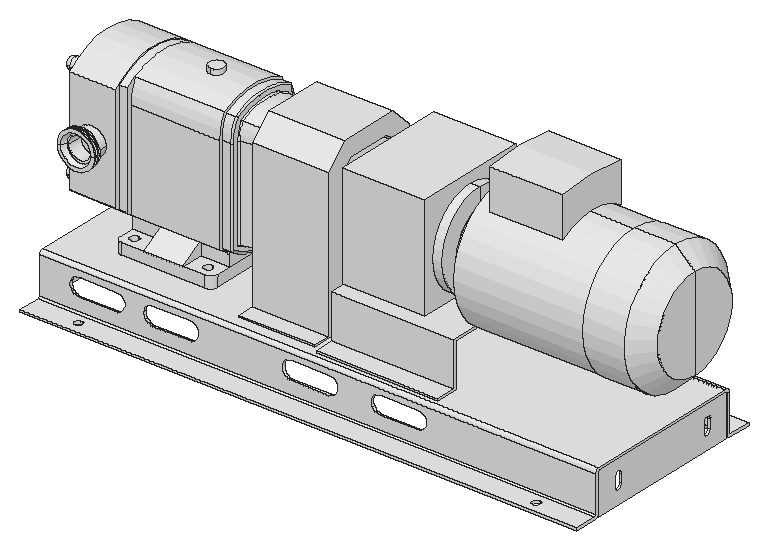
Revit family "MLP 23 - MR102 - Lobe Pump ", category Specialty Equipment, Revit 2022
Family settings
  Round Connector Dimension = Use Diameter
  Part Type = Normal
  Work Plane-Based = No
  Always vertical = Yes
  Cut with Voids When Loaded = No
  Maintain Annotation Orientation = No
  Shared = No
  Room Calculation Point = No
Parameters (values of type "MLP 23 - 1.1 kW")
  URL = "https://en.ekinendustriyel.com/lobe-pumps/lobe-pumps"
  Pressure = 20.0 bar  # constant formula
  Motor Power = 1.1 kW  # constant formula
  Model = "MLP-23  TUL - MR102"
  Manufacturer = "Ekin Endüstriyel"
  Keynote = "Double Serpentine Heater Tank"
  Flow = 5.0 m³/h  # constant formula
  Description = "MIT MLP 23 - Lobe Pump"
  Default Elevation = 0 mm
Reference planes
  plane 1 "Center (Front/Back)": y = 0
  plane 2: z = 0
  plane 3 "Center (Left/Right)": x = 0
Forms (mm)
  Extrusion 1, solid, material "Ekin Endüstriyel_StainlesSteel", detail levels medium+fine
    sketch origin (0, 0, 0) x (0, 1, 0) y (0, 0, 1)
      loop
        arc (65, 198) -> (0, 223) -> (-65, 198) r 97
        line (-65, 198) -> (-65, 54)
        arc (-65, 54) -> (0, 29) -> (65, 54) r 97
        line (65, 54) -> (65, 198)
    from -0.581 to -63.081
  Extrusion 2, solid, material "Ekin Endüstriyel_StainlesSteel", detail levels medium+fine
    sketch origin (0, 0, 0) x (0, 1, 0) y (0, 0, 1)
      loop
        arc (-48, 210.291) -> (-53.968, 195.324) -> (-56, 179.34) r 63.873
        line (-56, 179.34) -> (-56, 46.798)
        arc (-56, 46.798) -> (0, 29) -> (56, 46.798) r 97
        line (56, 46.798) -> (56, 169.858)
        arc (56, 169.858) -> (53.981, 190.467) -> (48, 210.291) r 106.175
        arc (48, 210.291) -> (0, 223) -> (-48, 210.291) r 97
    from 132.919 to 11.419
  Extrusion 3, solid, material "Ekin Endüstriyel_StainlesSteel", detail levels coarse
    sketch origin (0, 0, 0) x (0, 1, 0) y (0, 0, 1)
      loop
        arc (65, 198) -> (0, 223) -> (-65, 198) r 97
        line (-65, 198) -> (-65, 54)
        arc (-65, 54) -> (0, 29) -> (65, 54) r 97
        line (65, 54) -> (65, 198)
    from -63.081 to 183.857
  Sweep 4, solid, material "Ekin Endüstriyel_StainlesSteel", detail levels medium+fine
    path in 3D
      loop
        arc (132.919, 48, 210.291) -> (132.919, 53.981, 190.467) -> (132.919, 56, 169.858) r 106.175
        line (132.919, 56, 169.858) -> (132.919, 56, 46.798)
        arc (132.919, 56, 46.798) -> (132.919, 0, 29) -> (132.919, -56, 46.798) r 97
        line (132.919, -56, 46.798) -> (132.919, -56, 179.34)
        arc (132.919, -56, 179.34) -> (132.919, -53.968, 195.324) -> (132.919, -48, 210.291) r 63.873
        arc (132.919, -48, 210.291) -> (132.919, 0, 223) -> (132.919, 48, 210.291) r 97
    profile origin (132.919, 0, 223) x (0, 0, 1) y (1, 0, 0)
      loop
        line (-2.005, 0) -> (-2.005, 13.004)
        arc (-2.005, 13.004) -> (-2.584, 14.402) -> (-3.981, 14.98) r 1.976
        line (-3.981, 14.98) -> (-10.133, 14.98)
        arc (-10.133, 14.98) -> (-11.482, 15.503) -> (-12.125, 16.799) r 2
        line (-12.125, 16.799) -> (-15.082, 49.18)
        arc (-15.082, 49.18) -> (-15.704, 50.432) -> (-17.007, 50.938) r 1.933
        line (-17.007, 50.938) -> (-23.918, 50.938) -> (-23.918, 0) -> (-2.005, 0)
  Extrusion 5, solid, material "Ekin Endüstriyel_StainlesSteel", detail levels medium+fine
    sketch origin (0, 0, 0) x (0, 1, 0) y (0, 0, 1)
      loop
        arc (-29.766, 192.746) -> (-31.499, 186.142) -> (-32.082, 179.34) r 39.955
        line (-32.082, 179.34) -> (-32.082, 60.336)
        arc (-32.082, 60.336) -> (0, 52.918) -> (32.082, 60.336) r 73.082
        line (32.082, 60.336) -> (32.082, 169.858)
        arc (32.082, 169.858) -> (31.232, 181.657) -> (28.697, 193.212) r 82.257
        arc (28.697, 193.212) -> (-0.583, 199.08) -> (-29.766, 192.746) r 73.082
    from 170.518 to 183.857
  Revolve 6, solid, material "Ekin Endüstriyel_StainlesSteel", detail levels fine
    sketch origin (35.739, 0, 123.787) x (1, 0, 0) y (0, 1, 0)
      loop
        line (-88.818, -65.017) -> (-88.818, -81.023) -> (-92.717, -81.023) -> (-94.485, -82.044) -> (-92.482, -83.2) -> (-94.485, -84.357) -> (-92.48, -85.515) -> (-94.485, -86.672) -> (-92.482, -87.829) -> (-94.485, -88.986) -> (-92.482, -90.142) -> (-94.841, -91.504) -> (-90.152, -91.504) -> (-87.609, -84.516) -> (-84.934, -84.516) -> (-84.934, -65.017) -> (-88.818, -65.017)
      axis (-69.763, -65.017) -> (-69.763, -91.504)
    angle from 0 to 360
  Extrusion 7, solid, material "Ekin Endüstriyel_StainlesSteel"
    sketch origin (-63.081, 0, 0) x (0, -1, 0) y (0, 0, 1)
      loop
        circle (0, 126) r 50
    from 0 to 10
  Extrusion 8, solid, material "Ekin Endüstriyel_StainlesSteel", detail levels medium+fine
    sketch origin (0, 0, 0) x (0, 1, 0) y (0, 0, 1)
      loop
        line (-34.093, 32.841) -> (-65, 15) -> (65, 15) -> (34.097, 32.842)
        arc (34.097, 32.842) -> (0.002, 27.834) -> (-34.093, 32.841) r 118.583
    from 36.862 to 89.521
  Extrusion 9, solid, material "Ekin Endüstriyel_StainlesSteel", detail levels medium
    sketch origin (-75.568, 0, 30.923) x (1, 0, 0) y (0, 0, 1)
      loop
        circle (41.544, 92.864) r 25.078
      loop
        circle (41.544, 92.864) r 20.389
    from 65.017 to 91.504
  Extrusion 10, solid, material "Ekin Endüstriyel_StainlesSteel"
    sketch origin (107.25, 0, 153) x (0, 0, 1) y (0, 1, 0)
      loop
        circle (0, 0) r 11
    from -123.169 to -76.607
  Extrusion 11, solid, material "Ekin Endüstriyel_StainlesSteel", detail levels medium+fine
    sketch origin (0, 0, 0) x (0, 1, 0) y (0, 0, 1)
      loop
        line (-60, 202.217) -> (-60, 49.783)
        arc (-60, 49.783) -> (0, 29) -> (60, 49.783) r 97
        line (60, 49.783) -> (60, 202.217)
        arc (60, 202.217) -> (0, 223) -> (-60, 202.217) r 97
    from 11.419 to -0.581
  Extrusion 12, solid, material "Ekin Endüstriyel_StainlesSteel", detail levels coarse
    sketch origin (-99.135, 0, 4.353) x (1, 0, 0) y (0, 0, 1)
      loop
        circle (65.111, 119.434) r 25.078
    from 65 to 91.504
  Extrusion 13, solid, material "Ekin Endüstriyel_StainlesSteel"
    sketch origin (0, 0, 0) x (1, 0, 0) y (0, 1, 0)
      loop
        circle (12.419, -50) r 6
      loop
        circle (112.419, -50) r 6
      loop
        circle (12.419, 50) r 6
      loop
        circle (112.419, 50) r 6
      loop
        line (119.419, 65) -> (7.419, 65)
        arc (7.419, 65) -> (0.348, 62.071) -> (-2.581, 55) r 10
        line (-2.581, 55) -> (-2.581, -55)
        arc (-2.581, -55) -> (0.348, -62.071) -> (7.419, -65) r 10
        line (7.419, -65) -> (119.419, -65)
        arc (119.419, -65) -> (126.49, -62.071) -> (129.419, -55) r 10
        line (129.419, -55) -> (129.419, 55)
        arc (129.419, 55) -> (126.49, 62.071) -> (119.419, 65) r 10
    from 0 to 15
  Extrusion 14, solid, material "Ekin Endüstriyel_StainlesSteel"
    sketch origin (0, 0, 0) x (0, 1, 0) y (0, 0, 1)
      loop
        arc (-33.135, 32.594) -> (-34.417, 32.362) -> (-35, 31.197) r 1.456
        line (-35, 31.197) -> (-35, 15) -> (35.25, 15) -> (35.25, 31.095)
        arc (35.25, 31.095) -> (34.637, 32.321) -> (33.289, 32.566) r 1.532
        arc (33.289, 32.566) -> (0.075, 27.834) -> (-33.135, 32.594) r 118.583
    from -2.581 to 129.018
  Revolve 15, solid, material "Ekin Endüstriyel_StainlesSteel", detail levels fine
    sketch origin (56.401, 0, 191.795) x (1, 0, 0) y (0, 1, 0)
      loop
        line (-119.482, -48.5) -> (-119.482, -39.954) -> (-141.528, -39.954)
        arc (-141.528, -39.954) -> (-139.025, -45.997) -> (-132.982, -48.5) r 8.546
        line (-132.982, -48.5) -> (-119.482, -48.5)
      axis (-119.482, -39.954) -> (-141.528, -39.954)
    angle from 0 to 360
  Extrusion 16, solid, material "Ekin Endüstriyel_StainlesSteel", detail levels medium+fine
    sketch origin (0, 0, 0) x (1, 0, 0) y (0, 1, 0)
      loop
        circle (83.419, 0) r 10
    from 221 to 229
  Extrusion 17, solid, material "Ekin Endüstriyel_StainlesSteel", detail levels coarse+medium
    sketch origin (-119.482, 0, 146.417) x (0, 0, 1) y (0, 1, 0)
      loop
        circle (45.378, -39.954) r 8.546
      loop
        circle (45.378, 39.954) r 8.546
      loop
        circle (-86.212, 39.954) r 8.546
      loop
        circle (-86.212, -39.954) r 8.546
    from -56.401 to -33.901
  Revolve 18, solid, material "Ekin Endüstriyel_StainlesSteel", detail levels fine
    sketch origin (56.401, 0, 191.795) x (1, 0, 0) y (0, 1, 0)
      loop
        line (-119.482, 48.5) -> (-132.982, 48.5)
        arc (-132.982, 48.5) -> (-139.025, 45.997) -> (-141.528, 39.954) r 8.546
        line (-141.528, 39.954) -> (-119.482, 39.954) -> (-119.482, 48.5)
      axis (-119.482, 39.954) -> (-141.528, 39.954)
    angle from 0 to 360
  Revolve 19, solid, material "Ekin Endüstriyel_StainlesSteel", detail levels fine
    sketch origin (56.401, 0, 60.205) x (1, 0, 0) y (0, 1, 0)
      loop
        line (-119.482, -48.5) -> (-119.482, -39.954) -> (-141.528, -39.954)
        arc (-141.528, -39.954) -> (-139.025, -45.997) -> (-132.982, -48.5) r 8.546
        line (-132.982, -48.5) -> (-119.482, -48.5)
      axis (-119.482, -39.954) -> (-141.528, -39.954)
    angle from 0 to 360
  Revolve 20, solid, material "Ekin Endüstriyel_StainlesSteel", detail levels fine
    sketch origin (56.401, 0, 60.205) x (1, 0, 0) y (0, 1, 0)
      loop
        line (-119.482, 48.5) -> (-132.982, 48.5)
        arc (-132.982, 48.5) -> (-139.025, 45.997) -> (-141.528, 39.954) r 8.546
        line (-141.528, 39.954) -> (-119.482, 39.954) -> (-119.482, 48.5)
      axis (-119.482, 39.954) -> (-141.528, 39.954)
    angle from 0 to 360
  Revolve 21, solid, material "Ekin Endüstriyel_StainlesSteel", detail levels fine
    sketch origin (35.739, 0, 123.787) x (1, 0, 0) y (0, 1, 0)
      loop
        line (-88.818, 65.017) -> (-84.934, 65.017) -> (-84.934, 84.516) -> (-87.609, 84.516) -> (-90.152, 91.504) -> (-94.841, 91.504) -> (-92.482, 90.142) -> (-94.485, 88.986) -> (-92.482, 87.829) -> (-94.485, 86.672) -> (-92.48, 85.515) -> (-94.485, 84.357) -> (-92.482, 83.2) -> (-94.485, 82.044) -> (-92.717, 81.023) -> (-88.818, 81.023) -> (-88.818, 65.017)
      axis (-69.763, 65.017) -> (-69.763, 91.504)
    angle from 0 to 360
  Extrusion 22, solid, material "Ekin Endüstriyel_StainlesSteel", detail levels medium
    sketch origin (-75.568, 0, 30.923) x (1, 0, 0) y (0, 0, -1)
      loop
        circle (41.544, -92.864) r 25.078
      loop
        circle (41.544, -92.864) r 20.389
    from 65.017 to 91.504
  Extrusion 23, solid, material "Ekin Endüstriyel_StainlesSteel", detail levels coarse
    sketch origin (-99.135, 0, 4.353) x (1, 0, 0) y (0, 0, -1)
      loop
        circle (65.111, -119.434) r 25.078
    from 65 to 91.504
  Extrusion 24, solid, material "Ekin Endüstriyel_StainlesSteel", detail levels medium+fine
    sketch origin (57.669, 0, 0) x (0, 1, 0) y (0, 0, 1)
      loop
        line (145, -57) -> (114.5, -57)
        arc (114.5, -57) -> (113.086, -56.414) -> (112.5, -55) r 2
        line (112.5, -55) -> (112.5, -5)
        arc (112.5, -5) -> (111.036, -1.464) -> (107.5, 0) r 5
        line (107.5, 0) -> (-107.5, 0)
        arc (-107.5, 0) -> (-111.036, -1.464) -> (-112.5, -5) r 5
        line (-112.5, -5) -> (-112.5, -55)
        arc (-112.5, -55) -> (-113.086, -56.414) -> (-114.5, -57) r 2
        line (-114.5, -57) -> (-145, -57) -> (-145, -60) -> (-114.5, -60)
        arc (-114.5, -60) -> (-110.964, -58.536) -> (-109.5, -55) r 5
        line (-109.5, -55) -> (-109.5, -5)
        arc (-109.5, -5) -> (-108.914, -3.586) -> (-107.5, -3) r 2
        line (-107.5, -3) -> (107.5, -3)
        arc (107.5, -3) -> (108.914, -3.586) -> (109.5, -5) r 2
        line (109.5, -5) -> (109.5, -55)
        arc (109.5, -55) -> (110.964, -58.536) -> (114.5, -60) r 5
        line (114.5, -60) -> (145, -60) -> (145, -57)
    from -124.25 to 629.75
  Extrusion 25, void
    sketch origin (57.669, -112.5, -5) x (0, 0, -1) y (1, 0, 0)
      loop
        line (7.5, -20.25) -> (7.5, -70.25)
        arc (7.5, -70.25) -> (20, -82.75) -> (32.5, -70.25) r 12.5
        line (32.5, -70.25) -> (32.5, -20.25)
        arc (32.5, -20.25) -> (20, -7.75) -> (7.5, -20.25) r 12.5
      loop
        arc (7.5, 29.75) -> (20, 17.25) -> (32.5, 29.75) r 12.5
        line (32.5, 29.75) -> (32.5, 79.75)
        arc (32.5, 79.75) -> (20, 92.25) -> (7.5, 79.75) r 12.5
        line (7.5, 79.75) -> (7.5, 29.75)
      loop
        line (7.5, 267.75) -> (7.5, 217.75)
        arc (7.5, 217.75) -> (20, 205.25) -> (32.5, 217.75) r 12.5
        line (32.5, 217.75) -> (32.5, 267.75)
        arc (32.5, 267.75) -> (20, 280.25) -> (7.5, 267.75) r 12.5
      loop
        arc (7.5, 337.75) -> (20, 325.25) -> (32.5, 337.75) r 12.5
        line (32.5, 337.75) -> (32.5, 387.75)
        arc (32.5, 387.75) -> (20, 400.25) -> (7.5, 387.75) r 12.5
        line (7.5, 387.75) -> (7.5, 337.75)
    from 0 to -225
  Extrusion 26, solid, material "Ekin Endüstriyel_StainlesSteel", detail levels medium+fine
    sketch origin (-66.581, 0, 0) x (0, -1, 0) y (0, 0, 1)
      loop
        line (-107.5, -60) -> (107.5, -60) -> (107.5, -3) -> (-107.5, -3) -> (-107.5, -60)
      loop
        arc (-69, -24) -> (-75, -18) -> (-81, -24) r 6
        line (-81, -24) -> (-81, -36)
        arc (-81, -36) -> (-75, -42) -> (-69, -36) r 6
        line (-69, -36) -> (-69, -24)
      loop
        arc (81, -24) -> (75, -18) -> (69, -24) r 6
        line (69, -24) -> (69, -36)
        arc (69, -36) -> (75, -42) -> (81, -36) r 6
        line (81, -36) -> (81, -24)
    from 0 to -3
  Extrusion 27, solid, material "Ekin Endüstriyel_StainlesSteel", detail levels medium+fine
    sketch origin (684.419, 0, 0) x (0, -1, 0) y (0, 0, 1)
      loop
        line (-107.5, -60) -> (107.5, -60) -> (107.5, -3) -> (-107.5, -3) -> (-107.5, -60)
      loop
        arc (-69, -24) -> (-75, -18) -> (-81, -24) r 6
        line (-81, -24) -> (-81, -36)
        arc (-81, -36) -> (-75, -42) -> (-69, -36) r 6
        line (-69, -36) -> (-69, -24)
      loop
        arc (81, -24) -> (75, -18) -> (69, -24) r 6
        line (69, -24) -> (69, -36)
        arc (69, -36) -> (75, -42) -> (81, -36) r 6
        line (81, -36) -> (81, -24)
    from 0 to -3
  Extrusion 28, void
    sketch origin (57.669, 0, 0) x (1, 0, 0) y (0, 1, 0)
      loop
        circle (562.75, 130) r 5.5
      loop
        circle (-57.25, 130) r 5.5
      loop
        circle (-57.25, -130) r 5.5
      loop
        circle (562.75, -130) r 5.5
    from -60 to -57
  Extrusion 29, solid, material "Ekin Endüstriyel_StainlesSteel", detail levels coarse
    sketch origin (57.669, 0, 0) x (1, 0, 0) y (0, 1, 0)
      loop
        line (-124.25, -145) -> (629.75, -145) -> (629.75, 145) -> (-124.25, 145) -> (-124.25, -145)
    from 0 to -60
  Extrusion 30, solid, material "Ekin Endüstriyel_StainlesSteel", detail levels medium+fine
    sketch origin (183.919, 0, 0) x (0, 1, 0) y (0, 0, 1)
      loop
        line (-68.052, 199.987) -> (-68.052, 1.499) -> (-91.833, 1.499) -> (-91.833, 0) -> (-43.922, 0) -> (-43.922, 189.992) -> (-30.826, 203.088) -> (30.828, 203.088) -> (43.924, 189.992) -> (43.924, 0) -> (91.835, 0) -> (91.835, 1.499) -> (68.054, 1.499) -> (68.054, 199.987) -> (40.823, 227.218) -> (-40.821, 227.218) -> (-68.052, 199.987)
    from 2.472 to 105.552
  Extrusion 31, solid, material "Ekin Endüstriyel_StainlesSteel", detail levels coarse
    sketch origin (57.669, 0, 0) x (0, 1, 0) y (0, 0, 1)
      loop
        line (-75, 78) -> (-75, 0) -> (75, 0) -> (75, 78) -> (-75, 78)
    from 233.75 to 383.75
  Extrusion 32, solid, material "Ekin Endüstriyel_StainlesSteel", detail levels coarse
    sketch origin (183.919, 0, 0) x (0, 1, 0) y (0, 0, 1)
      loop
        line (-68.052, 199.987) -> (-68.052, 0) -> (68.054, 0) -> (68.054, 199.987) -> (40.823, 227.218) -> (-40.821, 227.218) -> (-68.052, 199.987)
    from 2.472 to 105.552
  Extrusion 33, solid, material "Ekin Endüstriyel_StainlesSteel", detail levels medium+fine
    sketch origin (57.669, 0, 0) x (0, 1, 0) y (0, 0, 1)
      loop
        line (-102, 3) -> (-102, 0) -> (-72, 0) -> (-72, 60) -> (72, 60) -> (72, 0) -> (102, 0) -> (102, 3) -> (75, 3) -> (75, 63) -> (-75, 63) -> (-75, 3) -> (-102, 3)
    from 242.269 to 407.25
  Extrusion 34, solid, material "Ekin Endüstriyel_StainlesSteel", detail levels coarse
    sketch origin (57.669, 0, 0) x (0, 1, 0) y (0, 0, 1)
      loop
        circle (0, 142.83) r 88
    from 368.774 to 673.43
  Extrusion 35, solid, material "Ekin Endüstriyel_StainlesSteel", detail levels medium+fine
    sketch origin (57.669, 0, 0) x (0, 1, 0) y (0, 0, 1)
      loop
        line (-75.937, 78) -> (78.239, 78) -> (78.239, 219.54) -> (-75.937, 219.54) -> (-75.937, 78)
    from 257.793 to 368.774
  Revolve 36, solid, material "Ekin Endüstriyel_StainlesSteel", detail levels medium+fine
    sketch origin (57.669, -0.388, 73) x (0, 0, -1) y (1, 0, 0)
      loop
        line (-69.866, 673.43) -> (-132.778, 673.43) -> (-157.837, 648.371) -> (-157.837, 592.231) -> (-156.805, 592.231) -> (-156.805, 417.311) -> (-140.972, 417.311) -> (-133.403, 400.268) -> (-108.737, 400.268) -> (-108.737, 382.315) -> (-133.737, 382.315) -> (-133.737, 368.774) -> (-69.866, 368.774) -> (-69.866, 673.43)
      loop
        line (-129.993, 244.756) -> (-115.088, 244.756) -> (-115.088, 235.649) -> (-96.041, 235.649) -> (-96.041, 231.75) -> (-69.866, 231.75) -> (-69.866, 257.793) -> (-130.904, 257.793) -> (-129.993, 244.756)
      axis (-69.866, 231.75) -> (-69.866, 673.43)
    angle from 0 to 360
  Extrusion 37, solid, material "Ekin Endüstriyel_StainlesSteel", detail levels medium+fine
    sketch origin (738.943, -0.388, 143.666) x (0, 1, 0) y (0, 0, 1)
      loop
        arc (-49.112, 73.028) -> (0.306, 88.006) -> (49.619, 72.685) r 88.007
        line (49.619, 72.685) -> (49.619, 127.526)
        arc (49.619, 127.526) -> (0.259, 132.243) -> (-49.112, 127.66) r 264.363
        line (-49.112, 127.66) -> (-49.112, 73.028)
    from -245.566 to -147.322
  Extrusion 38, solid, material "Ekin Endüstriyel_StainlesSteel", detail levels coarse
    sketch origin (57.669, -70, 63) x (0, 1, 0) y (-1, 0, 0)
      loop
        line (148.239, -368.774) -> (148.239, -231.75) -> (-5.937, -231.75) -> (-5.937, -368.774) -> (148.239, -368.774)
    from 0 to 156.54
Cuts and joins
  joined: Sweep 4, Extrusion 5
  joined: Extrusion 2, Extrusion 11, Extrusion 16
  Extrusion 25, Extrusion 28 cuts Extrusion 24
Lines and regions (mm)
  sketch lines
    curve 1: arc (132.919, -48, 210.291) -> (132.919, 0, 223) -> (132.919, 48, 210.291) r 97
    curve 2: arc (132.919, -56, 179.34) -> (132.919, -53.968, 195.324) -> (132.919, -48, 210.291) r 63.873
    curve 3: line (132.919, -56, 179.34) -> (132.919, -56, 46.798)
    curve 4: arc (132.919, 56, 46.798) -> (132.919, 0, 29) -> (132.919, -56, 46.798) r 97
    curve 5: line (132.919, 56, 46.798) -> (132.919, 56, 169.858)
    curve 6: arc (132.919, 48, 210.291) -> (132.919, 53.981, 190.467) -> (132.919, 56, 169.858) r 106.175
Dimensions and locks
  aligned and locked: level to plane 2
Connectors
  piping at (-34.024, -91.504, 123.787), diameter 38.1
    settings: on Extrusion 9, index 1, connector inside diameter 609.6 mm, connector length 0 mm, flow factor 0, pipe flow 0.0 m³/h, pressure drop 0.0 bar, fitting loss kfactor 0, connector angle 0.00°, fixture units 0, engagement length 0 mm, angle of deflection 0.00°, flow configuration 0, flow direction 0, fitting loss method 0, system type 7, joint type 0, gender type 0, connector reference index -1, connector utility 0, adjustable connector no, is connector primary yes, connector description ""
  piping at (-34.024, 91.504, 123.787), diameter 38.1
    settings: on Extrusion 22, index 2, connector inside diameter 609.6 mm, connector length 0 mm, flow factor 0, pipe flow 0.0 m³/h, pressure drop 0.0 bar, fitting loss kfactor 0, connector angle 0.00°, fixture units 0, engagement length 0 mm, angle of deflection 0.00°, flow configuration 0, flow direction 0, fitting loss method 0, system type 7, joint type 0, gender type 0, connector reference index -1, connector utility 0, adjustable connector no, is connector primary no, connector description ""
